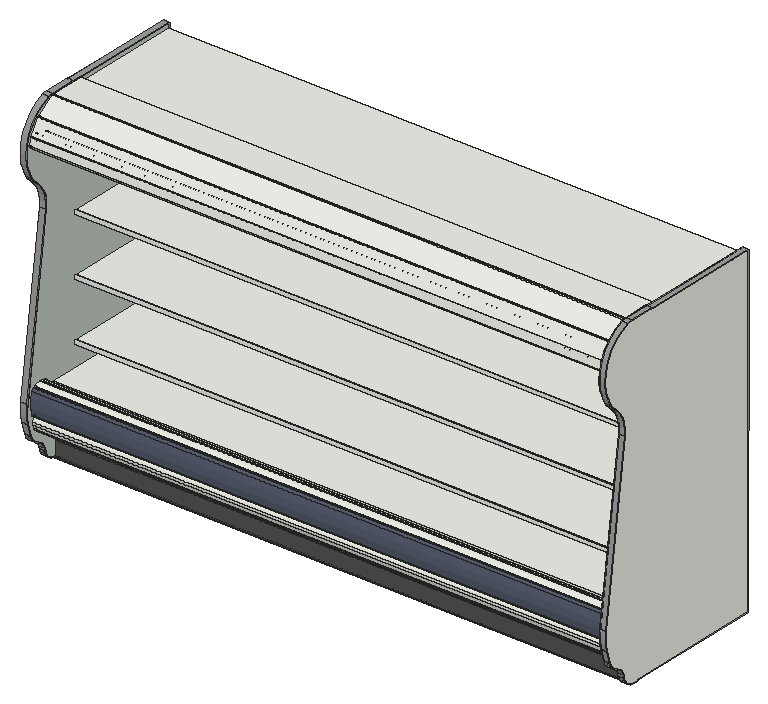
Revit family "ID5SL_2014", category Specialty Equipment, Revit 2014
Parameters (values of type "12'-0" Length")
  Width = 144 3/8"
  Waste Outlet Location = if(Width = 48 1/8", 24 1/8", if(Width = 72 1/4", 24 1/8", if(Width = 96 1/4", 24 1/8", if(Width = 144 3/8", 72 3/16", 0"))))  # 72 3/16"
  Waste Drain = 1 1/4"  # constant formula
  URL = "www.hussmann.com"
  Type Comments = ""
  Trim = Stainless Steel
  Total Weight = Case Weight + (2 * End Weight)  # 1300.00 lbf
  Top Clearance = 1 1/2"  # constant formula
  Supports = Width = 144 3/8"  # yes
  Splashguard = Textured Sheet Metal (Steel Painted) - 701 Black
  Side Panel - Right [instance] = yes
  Side Panel - Left [instance] = yes
  Shelves = Sheet Metal (Steel Painted) - 700 Interior White
  Shelf Lights [instance] = yes
  Shelf = yes
  Revit Family Date = "11/24/2015"  # constant formula
  Refrigeration Lines Suction = 7/8"  # constant formula
  Refrigeration Lines Liquid = 3/8"  # constant formula
  Refrig. Suction = "Suction"
  Refrig. Liquid = "Liquid"
  Number of Shelves = 4  # constant formula
  Note from Manufacturer = "This model only comes in 4'-0\", 6'-0\", 8'-0\", and 12'-0\" lengths."
  Model = "ID5SL"  # constant formula
  Manufacturer Disclaimer = "The information in this file is not intended to be an exact representation of the corresponding Hussmann product.  Further, we reserve the right to change or revise specifications and product design in connection with any feature of our products. Such changes do not entitle the buyer to corresponding changes, improvements, additions, or replacements for equipment previously sold or shipped."  # constant formula
  Manufacturer = "Hussmann Corporation"  # constant formula
  Height = 84 1/4"  # constant formula
  Ends = Textured Sheet Metal (Steel Painted) - 149 White Satin Matte
  End Weight = 100.00 lbf  # constant formula
  Description = ""
  Depth = 43 1/2"  # constant formula
  Clearance [instance] = no
  Center Support 2 = Width = 72 1/4"  # no
  Center Support 1 = Width = 96 1/4"  # no
  Case Weight = if(Width = 48 1/8", 700.00 lbf, if(Width = 72 1/4", 850.00 lbf, if(Width = 96 1/4", 1000.00 lbf, if(Width = 144 3/8", 1100.00 lbf, 0.00 lbf))))  # 1100.00 lbf
  Case Interior - Side Panel = Mirror
  Case Interior - Back Panel = Sheet Metal (Steel Painted) - 700 Interior White
  Case = Textured Sheet Metal (Steel Painted) - 149 White Satin Matte
  Bumper = Extruded PVC - 739 Royal Blue
  Back Clearance = 1 1/2"  # constant formula
  Assembly Code = ""
  Accessories/Options = ""
Reference planes (in)
  plane 1 "Back": y = 0
  plane 2 "Bottom": z = 0
  plane 3 "Top": z = 84.25
  plane 4 "Left": x = -77.30699
  plane 5 "Front": y = -43.5
  plane 6 "Center (Left/Right)": x = -5.11949
  plane 7: y = 1.5
  plane 8: x = -78.80699
  plane 9 "Right": x = 67.06801
  plane 10: x = 68.56801
  plane 11: z = 24
  plane 12: z = 68
  plane 13: z = 85.75
Forms (in)
  Extrusion 1, solid, material "Metal - Copper"
    sketch origin (63.0625, 1.04319, 0) x (1, 0, 0) y (0, 1, 0)
      loop
        arc (-68.18199, -33.91968) -> (-68.62393, -34.10274) -> (-68.80699, -34.54468) r 0.625
        arc (-68.80699, -34.54468) -> (-68.62393, -34.98662) -> (-68.18199, -35.16968) r 0.625
        arc (-68.18199, -35.16968) -> (-67.74004, -34.98662) -> (-67.55699, -34.54468) r 0.625
        arc (-67.55699, -34.54468) -> (-67.74004, -34.10274) -> (-68.18199, -33.91968) r 0.625
      loop
        circle (-68.18199, -34.54468) r 0.5852
    from 5.83681 to 0
  Extrusion 2, solid, material "Metal - Copper"
    sketch origin (57.40105, 5, -0.375) x (1, 0, 0) y (0, 1, 0)
      loop
        circle (0.87299, -33.71552) r 0.41359
      loop
        circle (0.87299, -33.71552) r 0.4375
    from 6.21181 to 0.375
  Extrusion 3, solid, material "Metal - Copper"
    sketch origin (59.82608, 5, -0.375) x (1, 0, 0) y (0, 1, 0)
      loop
        circle (-0.92704, -33.71552) r 0.17188
      loop
        circle (-0.92704, -33.71552) r 0.1875
    from 6.21181 to 0.375
  Extrusion 4, solid, material "Extruded PVC - 739 Royal Blue" <- "Bumper"
    sketch origin (-5.11949, 0, 0) x (0, 1, 0) y (0, 0, 1)
      loop
        line (-42.06364, 18.67278) -> (-42.24117, 19.08641) -> (-42.29352, 19.08641)
        arc (-42.29352, 19.08641) -> (-42.45612, 19.0616) -> (-42.61315, 19.01262) r 1.09071
        arc (-42.61315, 19.01262) -> (-42.90263, 18.83315) -> (-43.11188, 18.5644) r 0.96652
        arc (-43.11188, 18.5644) -> (-43.54736, 15.78448) -> (-43.11188, 13.00455) r 9.09066
        arc (-43.11188, 13.00455) -> (-42.90263, 12.73581) -> (-42.61315, 12.55634) r 0.96652
        arc (-42.61315, 12.55634) -> (-42.58068, 12.54404) -> (-42.54783, 12.53279) r 1.09071
        arc (-42.54783, 12.53279) -> (-42.48276, 12.52833) -> (-42.42329, 12.5551) r 0.13406
        line (-42.42329, 12.5551) -> (-42.06364, 12.91475) -> (-42.06364, 18.67278)
    from 72.1875 to -72.1875
  Extrusion 5, solid, material "Sheet Metal (Steel Painted) - 700 Interior White" <- "Shelves"
    sketch origin (-5.11949, 0, 0) x (0, 1, 0) y (0, 0, 1)
      loop
        line (-36.37259, 17.80485) -> (-36.37259, 17.31864) -> (-36.77772, 17.31864)
        arc (-36.77772, 17.31864) -> (-36.87626, 17.30567) -> (-36.96809, 17.26764) r 0.38073
        line (-36.96809, 17.26764) -> (-37.11188, 17.18462) -> (-37.11188, 16.79819) -> (-37.06655, 16.79819) -> (-36.78399, 16.96132) -> (-35.38688, 16.96132) -> (-35.38688, 17.18878) -> (-10.12574, 17.18878) -> (-10.12574, 17.33368) -> (-9.48404, 17.33368) -> (-9.48404, 16.97586) -> (-8.56986, 16.97586) -> (-8.28645, 16.81223) -> (-8.2381, 16.81223) -> (-8.2381, 17.20204) -> (-8.3761, 17.28171)
        arc (-8.3761, 17.28171) -> (-8.46787, 17.31973) -> (-8.56634, 17.33269) r 0.38049
        line (-8.56634, 17.33269) -> (-9.14496, 17.33368)
        arc (-9.14496, 17.33368) -> (-9.0296, 17.38146) -> (-8.98182, 17.49681) r 0.16314
        arc (-8.98182, 17.49681) -> (-9.0296, 17.61217) -> (-9.14496, 17.65995) r 0.16314
        line (-9.14496, 17.65995) -> (-9.27223, 17.75781) -> (-10.12574, 17.75781) -> (-10.12574, 17.80485) -> (-36.37259, 17.80485)
      loop
        line (-37.07349, 14.23639) -> (-36.07658, 14.36366)
        arc (-36.07658, 14.36366) -> (-35.91979, 14.44878) -> (-35.86124, 14.61742) r 0.24643
        arc (-35.86124, 14.61742) -> (-35.82279, 14.72871) -> (-35.71931, 14.78489) r 0.16264
        line (-35.71931, 14.78489) -> (-25.3253, 16.11179)
        arc (-25.3253, 16.11179) -> (-24.42957, 16.19734) -> (-23.53022, 16.2259) r 14.17557
        line (-23.53022, 16.2259) -> (-20.05164, 16.2259)
        arc (-20.05164, 16.2259) -> (-19.96233, 16.25262) -> (-19.90236, 16.32398) r 0.16264
        arc (-19.90236, 16.32398) -> (-19.84239, 16.39535) -> (-19.75308, 16.42206) r 0.16264
        line (-19.75308, 16.42206) -> (-8.52544, 16.42206)
        arc (-8.52544, 16.42206) -> (-8.41044, 16.37442) -> (-8.3628, 16.25942) r 0.16264
        line (-8.3628, 16.25942) -> (-8.3628, 15.90259)
        arc (-8.3628, 15.90259) -> (-8.29062, 15.72834) -> (-8.11637, 15.65616) r 0.24643
        line (-8.11637, 15.65616) -> (-7.79755, 15.65616) -> (-7.79755, 15.72812) -> (-8.04441, 15.72812)
        arc (-8.04441, 15.72812) -> (-8.21867, 15.80029) -> (-8.29084, 15.97455) r 0.24643
        line (-8.29084, 15.97455) -> (-8.29084, 16.45089)
        arc (-8.29084, 16.45089) -> (-8.32693, 16.53802) -> (-8.41406, 16.57411) r 0.12321
        line (-8.41406, 16.57411) -> (-19.82985, 16.57411)
        arc (-19.82985, 16.57411) -> (-19.91938, 16.54725) -> (-19.97934, 16.47553) r 0.16264
        arc (-19.97934, 16.47553) -> (-20.0393, 16.40382) -> (-20.12883, 16.37696) r 0.16264
        line (-20.12883, 16.37696) -> (-23.53022, 16.37696)
        arc (-23.53022, 16.37696) -> (-24.43916, 16.3481) -> (-25.34443, 16.26163) r 14.32663
        line (-25.34443, 16.26163) -> (-36.66451, 14.81652) -> (-36.71622, 14.80991)
        arc (-36.71622, 14.80991) -> (-36.81769, 14.75606) -> (-36.85826, 14.64858) r 0.16264
        line (-36.85826, 14.64858) -> (-36.85826, 14.48084)
        arc (-36.85826, 14.48084) -> (-36.91974, 14.31799) -> (-37.07349, 14.23639) r 0.24643
    from 72.1875 to -72.1875
  Extrusion 6, solid, material "Sheet Metal (Steel Painted) - 700 Interior White" <- "Case Interior - Back Panel"
    sketch origin (-5.11949, 0, 0) x (0, 1, 0) y (0, 0, 1)
      loop
        line (-32.13876, 76.46701) -> (-7.70304, 76.25376) -> (-7.70304, 16.99656) -> (-6.45743, 16.99805) -> (-6.45743, 76.61255) -> (-32.13553, 76.83664) -> (-32.13876, 76.46701)
    from 72.1875 to -72.1875
  Extrusion 7, solid, material "Textured Sheet Metal (Steel Painted) - 701 Black" <- "Splashguard"
    sketch origin (-5.11949, 0, 0) x (0, 1, 0) y (0, 0, 1)
      loop
        line (-35.53, 4.08973) -> (-35.53, 0.04906)
        arc (-35.53, 0.04906) -> (-35.50503, 0.00582) -> (-35.4551, 0.00582) r 0.04993
        line (-35.4551, 0.00582) -> (-35.38021, 0.04906) -> (-35.18205, 0.04906)
        arc (-35.18205, 0.04906) -> (-35.10246, 0) -> (-35.04167, 0.07104) r 0.07191
        line (-35.04167, 0.07104) -> (-35.04167, 4.37291)
        arc (-35.04167, 4.37291) -> (-35.06897, 4.41742) -> (-35.12102, 4.41326) r 0.04993
        line (-35.12102, 4.41326) -> (-35.50948, 4.13008)
        arc (-35.50948, 4.13008) -> (-35.52458, 4.11236) -> (-35.53, 4.08973) r 0.04993
    from 72.1875 to -72.1875
  Extrusion 8, solid, material "Sheet Metal (Steel Painted) - 700 Interior White" <- "Case Interior - Back Panel"
    sketch origin (-5.11949, 0, 0) x (0, 1, 0) y (0, 0, 1)
      loop
        arc (-41.8562, 74.41451) -> (-41.82752, 74.38583) -> (-41.79884, 74.41451) r 0.02868
        line (-41.79884, 74.41451) -> (-41.79884, 75.61797) -> (-40.87295, 75.61797) -> (-40.87295, 74.41739) -> (-39.70488, 74.41739) -> (-39.70488, 75.61797) -> (-39.42198, 75.61797) -> (-39.42198, 75.5401) -> (-39.30961, 75.5401) -> (-39.30961, 75.29663) -> (-38.99517, 75.29663) -> (-38.99517, 75.5401) -> (-38.88279, 75.5401) -> (-38.88279, 75.61797) -> (-38.22649, 75.61797) -> (-38.22649, 75.51965) -> (-38.44795, 75.51965)
        arc (-38.44795, 75.51965) -> (-38.49326, 75.50089) -> (-38.51202, 75.45558) r 0.06407
        line (-38.51202, 75.45558) -> (-38.51202, 75.16031) -> (-38.46347, 75.12297) -> (-38.40116, 75.07364)
        arc (-38.40116, 75.07364) -> (-38.2526, 74.98505) -> (-38.08241, 74.95422) r 0.4851
        line (-38.08241, 74.95422) -> (-37.44234, 74.95422)
        arc (-37.44234, 74.95422) -> (-37.4093, 74.9679) -> (-37.39562, 75.00094) r 0.04673
        arc (-37.39562, 75.00094) -> (-37.42098, 75.02751) -> (-37.4449, 74.99965) r 0.02477
        line (-37.4449, 74.99965) -> (-37.79457, 74.99965) -> (-37.79457, 75.24809) -> (-37.42388, 75.24809)
        arc (-37.42388, 75.24809) -> (-37.39924, 75.27274) -> (-37.42388, 75.29738) r 0.02464
        line (-37.42388, 75.29738) -> (-32.14897, 75.29738) -> (-32.14897, 76.83675) -> (-30.43419, 76.82179) -> (-30.43538, 78.5034) -> (-31.66631, 78.51414) -> (-31.66631, 79.98275) -> (-35.28512, 79.98275) -> (-35.28512, 79.26121) -> (-35.28512, 79.1721)
        arc (-35.28512, 79.1721) -> (-35.29666, 79.12003) -> (-35.32913, 79.07771) r 0.12321
        line (-35.32913, 79.07771) -> (-38.24936, 76.60225)
        arc (-38.24936, 76.60225) -> (-38.26067, 76.58739) -> (-38.26469, 76.56915) r 0.04339
        line (-38.26469, 76.56915) -> (-38.26469, 75.64657) -> (-41.81281, 75.64657)
        arc (-41.81281, 75.64657) -> (-41.84349, 75.63386) -> (-41.8562, 75.60318) r 0.04339
        line (-41.8562, 75.60318) -> (-41.8562, 74.41451)
    from 72.1875 to -72.1875
  Extrusion 9, solid, material "Textured Sheet Metal (Steel Painted) - 149 White Satin Matte" <- "Ends", visible <- "Side Panel - Right"
    sketch origin (67.06801, 0, 0) x (0, 0, 1) y (0, -1, 0)
      loop
        line (82.44832, 29.85698) -> (82.63788, 29.85698) -> (82.63788, 36.38723)
        arc (82.63788, 36.38723) -> (82.58871, 36.95067) -> (82.44269, 37.49709) r 3.25305
        arc (82.44269, 37.49709) -> (74.3139, 44.4152) -> (64.21545, 40.95703) r 10.78794
        arc (64.21545, 40.95703) -> (61.14954, 38.85647) -> (57.45439, 38.45904) r 7.60723
        line (57.45439, 38.45904) -> (55.43485, 38.74286) -> (15.89563, 44.29868)
        arc (15.89563, 44.29868) -> (13.58845, 44.4056) -> (11.31139, 44.01895) r 10.78794
        line (11.31139, 44.01895) -> (8.21224, 43.18957)
        arc (8.21224, 43.18957) -> (6.98569, 42.55808) -> (6.13116, 41.47504) r 3.25305
        line (6.13116, 41.47504) -> (5.50586, 40.27331)
        arc (5.50586, 40.27331) -> (4.78112, 39.38901) -> (3.76163, 38.87097) r 2.77486
        line (3.76163, 38.87097) -> (2.80742, 38.61644)
        arc (2.80742, 38.61644) -> (1.08301, 37.47349) -> (0.39646, 35.52193) r 3.25305
        line (0.39646, 35.52193) -> (0.39646, 34.42934) -> (0.59219, 34.42934) -> (0.59219, -0.42) -> (82.44832, -0.42) -> (82.44832, 29.85698)
    from 1.5 to 0.01562
  Extrusion 10, solid, material "Textured Sheet Metal (Steel Painted) - 149 White Satin Matte" <- "Ends", visible <- "Side Panel - Left"
    sketch origin (-77.30699, 0, 0) x (0, 1, 0) y (0, 0, 1)
      loop
        line (-29.85698, 82.44832) -> (-29.85698, 82.63788) -> (-36.38723, 82.63788)
        arc (-36.38723, 82.63788) -> (-36.95067, 82.58871) -> (-37.49709, 82.44269) r 3.25305
        arc (-37.49709, 82.44269) -> (-44.4152, 74.3139) -> (-40.95703, 64.21545) r 10.78794
        arc (-40.95703, 64.21545) -> (-38.85647, 61.14954) -> (-38.45904, 57.45439) r 7.60723
        line (-38.45904, 57.45439) -> (-38.74286, 55.43485) -> (-44.29868, 15.89563)
        arc (-44.29868, 15.89563) -> (-44.4056, 13.58845) -> (-44.01895, 11.31139) r 10.78794
        line (-44.01895, 11.31139) -> (-43.18957, 8.21224)
        arc (-43.18957, 8.21224) -> (-42.55808, 6.98569) -> (-41.47504, 6.13116) r 3.25305
        line (-41.47504, 6.13116) -> (-40.27331, 5.50586)
        arc (-40.27331, 5.50586) -> (-39.38901, 4.78112) -> (-38.87097, 3.76163) r 2.77486
        line (-38.87097, 3.76163) -> (-38.61644, 2.80742)
        arc (-38.61644, 2.80742) -> (-37.47349, 1.08301) -> (-35.52193, 0.39646) r 3.25305
        line (-35.52193, 0.39646) -> (-34.42934, 0.39646) -> (-34.42934, 0.59219) -> (0.42, 0.59219) -> (0.42, 82.44832) -> (-29.85698, 82.44832)
    from -0.01562 to -1.5
  Sweep 11, solid, material "Stainless Steel" <- "Trim", visible <- "Side Panel - Right"
    path origin (67.06801, 0, 0) x (0, 0, 1) y (0, -1, 0)
      loop
        line (82.44832, 29.85698) -> (82.63788, 29.85698) -> (82.63788, 36.38723)
        arc (82.63788, 36.38723) -> (82.58871, 36.95067) -> (82.44269, 37.49709) r 3.25305
        arc (82.44269, 37.49709) -> (74.3139, 44.4152) -> (64.21545, 40.95703) r 10.78794
        arc (64.21545, 40.95703) -> (61.14954, 38.85647) -> (57.45439, 38.45904) r 7.60723
        line (57.45439, 38.45904) -> (55.43485, 38.74286) -> (15.89563, 44.29868)
        arc (15.89563, 44.29868) -> (13.58845, 44.4056) -> (11.31139, 44.01895) r 10.78794
        line (11.31139, 44.01895) -> (8.21224, 43.18957)
        arc (8.21224, 43.18957) -> (6.98569, 42.55808) -> (6.13116, 41.47504) r 3.25305
        line (6.13116, 41.47504) -> (5.50586, 40.27331)
        arc (5.50586, 40.27331) -> (4.78112, 39.38901) -> (3.76163, 38.87097) r 2.77486
        line (3.76163, 38.87097) -> (2.80742, 38.61644)
        arc (2.80742, 38.61644) -> (1.08301, 37.47349) -> (0.39646, 35.52193) r 3.25305
        line (0.39646, 35.52193) -> (0.39646, 34.42934) -> (0.59219, 34.42934) -> (0.59219, -0.42) -> (82.44832, -0.42) -> (82.44832, 29.85698)
    profile origin (67.06801, -14.71849, 82.44832) x (0, 0, 1) y (1, 0, 0)
      loop
        line (0, 0) -> (0.03125, 0) -> (0.03125, 1.5) -> (0, 1.5) -> (0, 0)
  Sweep 12, solid, material "Stainless Steel" <- "Trim", visible <- "Side Panel - Left"
    path origin (-77.30699, 0, 0) x (0, 0, 1) y (0, 1, 0)
      loop
        line (82.44832, -29.85698) -> (82.44832, 0.42) -> (0.59219, 0.42) -> (0.59219, -34.42934) -> (0.39646, -34.42934) -> (0.39646, -35.52193)
        arc (0.39646, -35.52193) -> (1.08301, -37.47349) -> (2.80742, -38.61644) r 3.25305
        line (2.80742, -38.61644) -> (3.76163, -38.87097)
        arc (3.76163, -38.87097) -> (4.78112, -39.38901) -> (5.50586, -40.27331) r 2.77486
        line (5.50586, -40.27331) -> (6.13116, -41.47504)
        arc (6.13116, -41.47504) -> (6.98569, -42.55808) -> (8.21224, -43.18957) r 3.25305
        line (8.21224, -43.18957) -> (11.31139, -44.01895)
        arc (11.31139, -44.01895) -> (13.58845, -44.4056) -> (15.89563, -44.29868) r 10.78794
        line (15.89563, -44.29868) -> (55.43485, -38.74286) -> (57.45439, -38.45904)
        arc (57.45439, -38.45904) -> (61.14954, -38.85647) -> (64.21545, -40.95703) r 7.60723
        arc (64.21545, -40.95703) -> (74.3139, -44.4152) -> (82.44269, -37.49709) r 10.78794
        arc (82.44269, -37.49709) -> (82.58871, -36.95067) -> (82.63788, -36.38723) r 3.25305
        line (82.63788, -36.38723) -> (82.63788, -29.85698) -> (82.44832, -29.85698)
    profile origin (-77.30699, -14.71849, 82.44832) x (0, 0, -1) y (-1, 0, 0)
      loop
        line (0, 0) -> (0, 1.5) -> (-0.03125, 1.5) -> (-0.03125, 0) -> (0, 0)
  Extrusion 13, solid, material "Mirror" <- "Case Interior - Side Panel", visible <- "Side Panel - Left"
    sketch origin (-77.30699, 0, 0) x (0, 1, 0) y (0, 0, 1)
      loop
        line (-29.85698, 82.44832) -> (-29.85698, 82.63788) -> (-36.38723, 82.63788)
        arc (-36.38723, 82.63788) -> (-36.95067, 82.58871) -> (-37.49709, 82.44269) r 3.25305
        arc (-37.49709, 82.44269) -> (-44.4152, 74.3139) -> (-40.95703, 64.21545) r 10.78794
        arc (-40.95703, 64.21545) -> (-38.85647, 61.14954) -> (-38.45904, 57.45439) r 7.60723
        line (-38.45904, 57.45439) -> (-38.74286, 55.43485) -> (-44.29868, 15.89563)
        arc (-44.29868, 15.89563) -> (-44.4056, 13.58845) -> (-44.01895, 11.31139) r 10.78794
        line (-44.01895, 11.31139) -> (-43.18957, 8.21224)
        arc (-43.18957, 8.21224) -> (-42.55808, 6.98569) -> (-41.47504, 6.13116) r 3.25305
        line (-41.47504, 6.13116) -> (-40.27331, 5.50586)
        arc (-40.27331, 5.50586) -> (-39.38901, 4.78112) -> (-38.87097, 3.76163) r 2.77486
        line (-38.87097, 3.76163) -> (-38.61644, 2.80742)
        arc (-38.61644, 2.80742) -> (-37.47349, 1.08301) -> (-35.52193, 0.39646) r 3.25305
        line (-35.52193, 0.39646) -> (-34.42934, 0.39646) -> (-34.42934, 0.59219) -> (0.42, 0.59219) -> (0.42, 82.44832) -> (-29.85698, 82.44832)
    from 0 to -0.01563
  Extrusion 14, solid, material "Mirror" <- "Case Interior - Side Panel", visible <- "Side Panel - Right"
    sketch origin (67.06801, 0, 0) x (0, 0, 1) y (0, -1, 0)
      loop
        line (82.44832, 29.85698) -> (82.63788, 29.85698) -> (82.63788, 36.38723)
        arc (82.63788, 36.38723) -> (82.58871, 36.95067) -> (82.44269, 37.49709) r 3.25305
        arc (82.44269, 37.49709) -> (74.3139, 44.4152) -> (64.21545, 40.95703) r 10.78794
        arc (64.21545, 40.95703) -> (61.14954, 38.85647) -> (57.45439, 38.45904) r 7.60723
        line (57.45439, 38.45904) -> (55.43485, 38.74286) -> (15.89563, 44.29868)
        arc (15.89563, 44.29868) -> (13.58845, 44.4056) -> (11.31139, 44.01895) r 10.78794
        line (11.31139, 44.01895) -> (8.21224, 43.18957)
        arc (8.21224, 43.18957) -> (6.98569, 42.55808) -> (6.13116, 41.47504) r 3.25305
        line (6.13116, 41.47504) -> (5.50586, 40.27331)
        arc (5.50586, 40.27331) -> (4.78112, 39.38901) -> (3.76163, 38.87097) r 2.77486
        line (3.76163, 38.87097) -> (2.80742, 38.61644)
        arc (2.80742, 38.61644) -> (1.08301, 37.47349) -> (0.39646, 35.52193) r 3.25305
        line (0.39646, 35.52193) -> (0.39646, 34.42934) -> (0.59219, 34.42934) -> (0.59219, -0.42) -> (82.44832, -0.42) -> (82.44832, 29.85698)
    from 0.01563 to 0
  Extrusion 15, solid, material "Textured Sheet Metal (Steel Painted) - 149 White Satin Matte" <- "Case"
    sketch origin (-5.11949, 0, 0) x (0, 1, 0) y (0, 0, 1)
      loop
        arc (-38.95704, 75.65756) -> (-39.0434, 75.69333) -> (-39.08025, 75.7797) r 0.12214
        line (-39.08025, 75.7797) -> (-39.08025, 75.99336)
        arc (-39.08025, 75.99336) -> (-39.11634, 76.08049) -> (-39.20346, 76.11658) r 0.12321
        line (-39.20346, 76.11658) -> (-39.82765, 76.11658) -> (-41.31459, 76.11658) -> (-41.31459, 75.74742) -> (-41.74585, 75.74742)
        spline (-41.74585, 75.74742) -> (-41.75389, 75.74794) -> (-41.76179, 75.74952) -> (-41.76942, 75.75211) -> (-41.77665, 75.75567) -> (-41.78335, 75.76014) -> (-41.78941, 75.76546) -> (-41.79472, 75.77151) -> (-41.7992, 75.77821) -> (-41.80276, 75.78544) -> (-41.80535, 75.79307) -> (-41.80692, 75.80097) -> (-41.80745, 75.80901)
        line (-41.80745, 75.80901) -> (-41.80745, 76.05498)
        spline (-41.80745, 76.05498) -> (-41.80798, 76.06302) -> (-41.80955, 76.07092) -> (-41.81214, 76.07855) -> (-41.8157, 76.08578) -> (-41.82018, 76.09248) -> (-41.82549, 76.09854) -> (-41.83155, 76.10385) -> (-41.83825, 76.10833) -> (-41.84547, 76.11189) -> (-41.8531, 76.11448) -> (-41.86101, 76.11605) -> (-41.86905, 76.11658)
        line (-41.86905, 76.11658) -> (-42.11598, 76.11658)
        arc (-42.11598, 76.11658) -> (-42.15917, 76.0987) -> (-42.17709, 76.05552) r 0.06111
        line (-42.17709, 76.05552) -> (-42.17733, 75.78482)
        arc (-42.17733, 75.78482) -> (-42.18796, 75.69526) -> (-42.21925, 75.61067) r 0.38266
        line (-42.21925, 75.61067) -> (-42.29629, 75.33325) -> (-42.40118, 74.83665)
        arc (-42.40118, 74.83665) -> (-42.4434, 74.72105) -> (-42.51389, 74.62018) r 0.47516
        line (-42.51389, 74.62018) -> (-42.59811, 74.5279)
        arc (-42.59811, 74.5279) -> (-42.61565, 74.4881) -> (-42.60556, 74.44579) r 0.06818
        arc (-42.60556, 74.44579) -> (-42.56135, 74.28159) -> (-42.52434, 74.11561) r 3.89985
        arc (-42.52434, 74.11561) -> (-42.57186, 73.87325) -> (-42.71439, 73.67156) r 0.59024
        line (-42.71439, 73.67156) -> (-42.84902, 73.54776)
        arc (-42.84902, 73.54776) -> (-42.88766, 73.52366) -> (-42.93241, 73.51525) r 0.12321
        line (-42.93241, 73.51525) -> (-43.32887, 73.51525)
        arc (-43.32887, 73.51525) -> (-43.37947, 73.52612) -> (-43.42114, 73.55681) r 0.12321
        line (-43.42114, 73.55681) -> (-43.79284, 73.97691)
        arc (-43.79284, 73.97691) -> (-43.81985, 74.02771) -> (-43.82085, 74.08524) r 0.12321
        line (-43.82085, 74.08524) -> (-43.39839, 75.98932)
        arc (-43.39839, 75.98932) -> (-43.38812, 76.0222) -> (-43.37249, 76.05288) r 0.20453
        line (-43.37249, 76.05288) -> (-41.23943, 79.48962)
        arc (-41.23943, 79.48962) -> (-41.18477, 79.54438) -> (-41.11152, 79.5693) r 0.17034
        arc (-41.11152, 79.5693) -> (-41.07961, 79.57024) -> (-41.04788, 79.56674) r 0.22973
        arc (-41.04788, 79.56674) -> (-41.04098, 79.58513) -> (-41.02722, 79.59914) r 0.04731
        line (-41.02722, 79.59914) -> (-36.73185, 82.44386)
        arc (-36.73185, 82.44386) -> (-36.60177, 82.50489) -> (-36.45963, 82.52583) r 0.49301
        line (-36.45963, 82.52583) -> (-36.3599, 82.52583) -> (-36.11895, 82.52583) -> (-27.61232, 82.52583) -> (-27.61232, 81.51899) -> (0, 81.51899) -> (0, 10.26407) -> (-8.95245, 5.83681) -> (-35.11252, 5.83681) -> (-35.31508, 5.94531) -> (-36.16925, 6.3694) -> (-36.25637, 6.20677)
        arc (-36.25637, 6.20677) -> (-36.28438, 6.18382) -> (-36.32041, 6.18741) r 0.04731
        line (-36.32041, 6.18741) -> (-42.06364, 9.26393) -> (-42.14425, 9.30712)
        arc (-42.14425, 9.30712) -> (-42.21812, 9.36447) -> (-42.26888, 9.443) r 0.27895
        line (-42.26888, 9.443) -> (-42.81976, 10.72667)
        arc (-42.81976, 10.72667) -> (-42.90523, 11.07461) -> (-42.8737, 11.4315) r 1.09394
        arc (-42.8737, 11.4315) -> (-42.65179, 11.92399) -> (-42.27691, 12.31292) r 1.57952
        arc (-42.27691, 12.31292) -> (-42.22757, 12.31693) -> (-42.20164, 12.27476) r 0.04731
        line (-42.20164, 12.27476) -> (-42.20164, 11.96032)
        spline (-42.20164, 11.96032) -> (-42.19586, 11.96272) -> (-42.19036, 11.9657) -> (-42.18519, 11.96922) -> (-42.18041, 11.97325) -> (-42.17607, 11.97775) -> (-42.17221, 11.98268) -> (-42.16887, 11.98797) -> (-42.16609, 11.99357) -> (-42.1639, 11.99943) -> (-42.16232, 12.00549) -> (-42.16136, 12.01167) -> (-42.16104, 12.01792)
        line (-42.16104, 12.01792) -> (-42.16104, 12.60705)
        spline (-42.16104, 12.60705) -> (-42.16221, 12.61898) -> (-42.16569, 12.63044) -> (-42.17134, 12.64101) -> (-42.17894, 12.65027) -> (-42.1882, 12.65787) -> (-42.19876, 12.66352) -> (-42.21023, 12.667) -> (-42.22215, 12.66817) -> (-42.23407, 12.66699) -> (-42.24554, 12.66351) -> (-42.2561, 12.65787) -> (-42.26537, 12.65026)
        line (-42.26537, 12.65026) -> (-42.34445, 12.57118)
        arc (-42.34445, 12.57118) -> (-42.38146, 12.55128) -> (-42.42329, 12.5551) r 0.07294
        line (-42.42329, 12.5551) -> (-42.06364, 12.91475) -> (-42.06364, 18.67278) -> (-42.24117, 19.08641)
        arc (-42.24117, 19.08641) -> (-42.25057, 19.12556) -> (-42.22764, 19.15865) r 0.04929
        arc (-42.22764, 19.15865) -> (-41.29531, 19.5313) -> (-40.29263, 19.58378) r 3.07518
        arc (-40.29263, 19.58378) -> (-40.26067, 19.56791) -> (-40.24776, 19.53466) r 0.04929
        arc (-40.24776, 19.53466) -> (-40.21547, 19.57319) -> (-40.16644, 19.58433) r 0.07874
        line (-40.16644, 19.58433) -> (-39.26523, 19.45153)
        arc (-39.26523, 19.45153) -> (-39.24403, 19.4449) -> (-39.22593, 19.43204) r 0.07098
        line (-39.22593, 19.43204) -> (-38.31006, 18.53571)
        arc (-38.31006, 18.53571) -> (-38.29682, 18.51789) -> (-38.28973, 18.49684) r 0.07098
        line (-38.28973, 18.49684) -> (-38.13388, 17.57716) -> (-38.13388, 14.07298) -> (-38.02084, 14.08287) -> (-38.02493, 14.11493) -> (-25.27812, 15.74219)
        arc (-25.27812, 15.74219) -> (-24.40593, 15.8255) -> (-23.53022, 15.8533) r 13.80297
        line (-23.53022, 15.8533) -> (-16.82245, 15.8533)
        arc (-16.82245, 15.8533) -> (-16.6704, 15.90581) -> (-16.58314, 16.04094) r 0.24643
        arc (-16.58314, 16.04094) -> (-16.52555, 16.13014) -> (-16.42519, 16.16479) r 0.16264
        line (-16.42519, 16.16479) -> (-8.52544, 16.16479)
        arc (-8.52544, 16.16479) -> (-8.41044, 16.11715) -> (-8.3628, 16.00215) r 0.16264
        line (-8.3628, 16.00215) -> (-8.3628, 15.90259)
        arc (-8.3628, 15.90259) -> (-8.29062, 15.72834) -> (-8.11637, 15.65616) r 0.24643
        line (-8.11637, 15.65616) -> (-7.6995, 15.65616)
        arc (-7.6995, 15.65616) -> (-7.60495, 15.8333) -> (-7.51622, 16.01343) r 6.16849
        arc (-7.51622, 16.01343) -> (-7.13864, 16.66899) -> (-6.45743, 16.99802) r 1.28353
        line (-6.45743, 16.99802) -> (-6.45743, 76.61255) -> (-30.43419, 76.82179) -> (-30.43419, 78.5034) -> (-31.66512, 78.51414) -> (-31.66512, 79.98275) -> (-35.2999, 79.98275) -> (-35.2999, 79.1721)
        arc (-35.2999, 79.1721) -> (-35.31006, 79.12628) -> (-35.33864, 79.08904) r 0.10843
        line (-35.33864, 79.08904) -> (-37.90354, 76.91753) -> (-38.23507, 76.63934)
        arc (-38.23507, 76.63934) -> (-38.26754, 76.59703) -> (-38.27908, 76.54495) r 0.12321
        line (-38.27908, 76.54495) -> (-38.27908, 75.7797)
        arc (-38.27908, 75.7797) -> (-38.31517, 75.69257) -> (-38.4023, 75.65648) r 0.12321
        line (-38.4023, 75.65648) -> (-38.95363, 75.65648)
    from 72.1875 to -72.1875
  Extrusion 16, solid, material "Textured Sheet Metal (Steel Painted) - 149 White Satin Matte" <- "Case"
    sketch origin (-5.11949, 0, 0) x (0, 1, 0) y (0, 0, 1)
      loop
        arc (-36.06821, 5.56404) -> (-36.06152, 5.53907) -> (-36.04325, 5.5208) r 0.04993
        line (-36.04325, 5.5208) -> (-35.04167, 4.94254) -> (-35.04167, 2.53989) -> (-35.00672, 2.53989) -> (-35.00672, 4.93389)
        arc (-35.00672, 4.93389) -> (-35.01341, 4.95886) -> (-35.03169, 4.97713) r 0.04993
        line (-35.03169, 4.97713) -> (-36.03326, 5.55539) -> (-36.03326, 6.22125) -> (-36.06821, 6.22125) -> (-36.06821, 5.56404)
    from 72.1875 to -72.1875
Lines and regions (in)
  reference lines
    curve 1: line (-5.11949, -43.5, 0) -> (-5.11949, 0, 0)
    curve 2: line (58.71154, -43.5, 0) -> (58.71154, 0, 0)
    curve 3: line (-77.30699, -33.50149, 0) -> (67.06801, -33.50149, 0)
    curve 4: line (67.06801, -28.71552, 0) -> (-77.30699, -28.71552, 0)
  symbolic lines, style "Clearance", visible <- "Clearance"
    curve 5: line (-77.30699, 0.45125, 0) -> (-77.30699, 1.5, 0)
    curve 6: line (-77.30699, 1.5, 0) -> (67.06801, 1.5, 0)
    curve 7: line (67.06801, 1.5, 0) -> (67.06801, 0.45125, 0)
    curve 8: line (-5.11949, 0, 82.47957) -> (-5.11949, 0, 85.75)
    curve 9: line (-5.11949, 0, 85.75) -> (-5.11949, -43.5, 85.75)
    curve 10: line (-5.11949, -43.5, 85.75) -> (-5.11949, -43.5, 77.12749)
    curve 11: line (-77.30699, 0, 82.66913) -> (-77.30699, 0, 85.75)
    curve 12: line (-77.30699, 0, 85.75) -> (67.06801, 0, 85.75)
    curve 13: line (67.06801, 0, 85.75) -> (67.06801, 0, 82.66913)
    curve 14: line (-5.11949, 0.45125, 81.51899) -> (-5.11949, 1.5, 81.51899)
    curve 15: line (-5.11949, 1.5, 81.51899) -> (-5.11949, 1.5, 0)
  model lines, style "SpecialityEquipment", detail levels fine
    curve 16: line (-5.11949, -36.16925, 6.3694) -> (-5.11949, -42.06364, 9.5269)
    curve 17: line (-5.11949, -42.06364, 9.5269) -> (-5.11949, -42.06364, 18.67278)
    curve 18: line (-5.11949, -42.06364, 18.67278) -> (-5.11949, -41.06562, 18.67278)
    curve 19: line (-5.11949, -41.06562, 18.67278) -> (-5.11949, -41.06562, 13.0616)
    curve 20: arc (-5.11949, -41.06562, 13.0616) -> (-5.11949, -41.0281, 12.87299) -> (-5.11949, -40.92127, 12.7131) r 0.49286
    curve 21: line (-5.11949, -40.92127, 12.7131) -> (-5.11949, -40.25153, 12.04337)
    curve 22: arc (-5.11949, -40.25153, 12.04337) -> (-5.11949, -40.14469, 11.88347) -> (-5.11949, -40.10718, 11.69486) r 0.49286
    curve 23: line (-5.11949, -40.10718, 11.69486) -> (-5.11949, -40.10718, 11.22607)
    curve 24: arc (-5.11949, -40.10718, 11.22607) -> (-5.11949, -39.96282, 10.87757) -> (-5.11949, -39.61432, 10.73321) r 0.49286
    curve 25: line (-5.11949, -39.61432, 10.73321) -> (-5.11949, -38.77804, 10.73321)
    curve 26: arc (-5.11949, -38.77804, 10.73321) -> (-5.11949, -38.45161, 10.58681) -> (-5.11949, -38.3102, 10.25818) r 0.49286
    curve 27: line (-5.11949, -38.3102, 10.25818) -> (-5.11949, -38.30054, 9.98155)
    curve 28: arc (-5.11949, -38.30054, 9.98155) -> (-5.11949, -38.2316, 9.74684) -> (-5.11949, -38.0583, 9.57419) r 0.49286
    curve 29: line (-5.11949, -38.0583, 9.57419) -> (-5.11949, -37.3398, 9.19226)
    curve 30: arc (-5.11949, -37.3398, 9.19226) -> (-5.11949, -37.22705, 9.14868) -> (-5.11949, -37.10708, 9.13386) r 0.49286
    curve 31: line (-5.11949, -37.10708, 9.13386) -> (-5.11949, -34.94086, 9.13386)
    curve 32: arc (-5.11949, -34.94086, 9.13386) -> (-5.11949, -34.69444, 9.19989) -> (-5.11949, -34.51404, 9.38029) r 0.49286
    curve 33: line (-5.11949, -34.51404, 9.38029) -> (-5.11949, -33.8752, 10.48678)
    curve 34: arc (-5.11949, -33.8752, 10.48678) -> (-5.11949, -33.6948, 10.66718) -> (-5.11949, -33.44837, 10.73321) r 0.49286
    curve 35: line (-5.11949, -33.44837, 10.73321) -> (-5.11949, -24.74121, 10.73321)
    curve 36: line (-5.11949, -24.74121, 10.73321) -> (-5.11949, -11.57219, 12.6709)
    curve 37: arc (-5.11949, -11.57219, 12.6709) -> (-5.11949, -9.32802, 13.7636) -> (-5.11949, -7.70059, 15.65616) r 6.16849
  model lines, style "SpecialityEquipment", not visible, detail levels fine
    curve 38: line (-5.11949, -36.16925, 6.3694) -> (-5.11949, -42.06364, 9.5269)
    curve 39: line (-5.11949, -42.06364, 9.5269) -> (-5.11949, -42.06364, 18.67278)
    curve 40: line (-5.11949, -42.06364, 18.67278) -> (-5.11949, -41.06562, 18.67278)
    curve 41: line (-5.11949, -41.06562, 18.67278) -> (-5.11949, -41.06562, 13.0616)
    curve 42: arc (-5.11949, -41.06562, 13.0616) -> (-5.11949, -41.0281, 12.87299) -> (-5.11949, -40.92127, 12.7131) r 0.49286
    curve 43: line (-5.11949, -40.92127, 12.7131) -> (-5.11949, -40.25153, 12.04337)
    curve 44: arc (-5.11949, -40.25153, 12.04337) -> (-5.11949, -40.14469, 11.88347) -> (-5.11949, -40.10718, 11.69486) r 0.49286
    curve 45: line (-5.11949, -40.10718, 11.69486) -> (-5.11949, -40.10718, 11.22607)
    curve 46: arc (-5.11949, -40.10718, 11.22607) -> (-5.11949, -39.96282, 10.87757) -> (-5.11949, -39.61432, 10.73321) r 0.49286
    curve 47: line (-5.11949, -39.61432, 10.73321) -> (-5.11949, -38.77804, 10.73321)
    curve 48: arc (-5.11949, -38.77804, 10.73321) -> (-5.11949, -38.45161, 10.58681) -> (-5.11949, -38.3102, 10.25818) r 0.49286
    curve 49: line (-5.11949, -38.3102, 10.25818) -> (-5.11949, -38.30054, 9.98155)
    curve 50: arc (-5.11949, -38.30054, 9.98155) -> (-5.11949, -38.2316, 9.74684) -> (-5.11949, -38.0583, 9.57419) r 0.49286
    curve 51: line (-5.11949, -38.0583, 9.57419) -> (-5.11949, -37.3398, 9.19226)
    curve 52: arc (-5.11949, -37.3398, 9.19226) -> (-5.11949, -37.22705, 9.14868) -> (-5.11949, -37.10708, 9.13386) r 0.49286
    curve 53: line (-5.11949, -37.10708, 9.13386) -> (-5.11949, -34.94086, 9.13386)
    curve 54: arc (-5.11949, -34.94086, 9.13386) -> (-5.11949, -34.69444, 9.19989) -> (-5.11949, -34.51404, 9.38029) r 0.49286
    curve 55: line (-5.11949, -34.51404, 9.38029) -> (-5.11949, -33.8752, 10.48678)
    curve 56: arc (-5.11949, -33.8752, 10.48678) -> (-5.11949, -33.6948, 10.66718) -> (-5.11949, -33.44837, 10.73321) r 0.49286
    curve 57: line (-5.11949, -33.44837, 10.73321) -> (-5.11949, -24.74121, 10.73321)
    curve 58: line (-5.11949, -24.74121, 10.73321) -> (-5.11949, -11.57219, 12.6709)
    curve 59: arc (-5.11949, -11.57219, 12.6709) -> (-5.11949, -9.32802, 13.7636) -> (-5.11949, -7.70059, 15.65616) r 6.16849
Dimensions and locks (in)
  equal spacing: plane 4 "Left", plane 6 "Center (Left/Right)", plane 9 "Right"
  locked: plane 8 to plane 4 "Left" at 1.5
  "Width": plane 4 "Left" to plane 9 "Right"
  "Waste Outlet Location": curve 1 to plane 9 "Right"
  "Depth": plane 5 "Front" to plane 1 "Back"
  "Back Clearance": plane 1 "Back" to plane 7
  locked: curve 2 to plane 9 "Right" at 8.35647
  "Height": plane 3 "Top" to level
  locked: plane 1 "Back" to curve 3 at 33.50149
  locked: plane 1 "Back" to curve 4 at 28.71552
  locked: plane 9 "Right" to plane 10 at 1.5
  locked: plane 11 to level at 24
  locked: plane 12 to level at 68
  "Top Clearance": plane 13 to plane 3 "Top"
  locked: Extrusion 1 sketch curve to Extrusion 1 sketch curve at 0.0398
  locked: Extrusion 3 sketch curve to Extrusion 3 sketch curve at 0.01562
  locked: Extrusion 2 sketch curve to Extrusion 2 sketch curve at 0.02391
  nested 2 to plane 6 "Center (Left/Right)" to nested 1 = 24" locked, 24" locked
  equal spacing: group 1, group 3, group 4, group 2  (x3)
  "Waste Drain": diameter of Extrusion 1 sketch curve
  "Refrigeration Lines Liquid": diameter of Extrusion 3 sketch curve
  "Refrigeration Lines Suction": diameter of Extrusion 2 sketch curve
  aligned and locked: plane 5 "Front" to curve 1
  aligned and locked: plane 4 "Left" to curve 3
  aligned and locked: plane 4 "Left" to curve 4
  aligned and locked: plane 9 "Right" to curve 4
  aligned and locked: plane 9 "Right" to curve 3
  aligned and locked: Extrusion 2 to level
  aligned and locked: Extrusion 3 to level
  aligned and locked: curve 4 to Extrusion 3 sketch curve  (x4)
  aligned and locked: curve 4 to Extrusion 2 sketch curve  (x4)
  aligned and locked: curve 3 to Extrusion 1 sketch curve  (x3)
  aligned and locked: curve 1 to Extrusion 1 sketch curve
  aligned and locked: curve 2 to Extrusion 3 sketch curve
  aligned and locked: curve 2 to Extrusion 2 sketch curve
  aligned and locked: plane 9 "Right" to nested 4
  aligned and locked: nested 4 to plane 1 "Back"
  aligned and locked: plane 4 "Left" to nested 3
  aligned and locked: plane 1 "Back" to nested 3
  aligned and locked: plane 1 "Back" to nested 2
  aligned and locked: plane 1 "Back" to nested 1
  aligned and locked: Extrusion 4 to plane 4 "Left"
  aligned and locked: plane 9 "Right" to Extrusion 4
  aligned and locked: Extrusion 5 to plane 4 "Left"
  aligned and locked: plane 9 "Right" to Extrusion 5
  aligned and locked: plane 11 to nested 5
  aligned and locked: plane 12 to nested 6
  aligned and locked: Extrusion 6 to plane 4 "Left"
  aligned and locked: plane 9 "Right" to Extrusion 6
  aligned and locked: Extrusion 7 to plane 4 "Left"
  aligned and locked: plane 9 "Right" to Extrusion 7
  aligned and locked: Extrusion 8 to plane 4 "Left"
  aligned and locked: plane 9 "Right" to Extrusion 8
  aligned and locked: plane 10 to Extrusion 9
  aligned and locked: plane 8 to Extrusion 10
  aligned and locked: Sweep 11 sketch curve to plane 10
  aligned and locked: profile plane to Sweep 11 sketch curve
  aligned and locked: profile plane to Sweep 12 sketch curve
  aligned and locked: Sweep 12 sketch curve to plane 8
  aligned and locked: Extrusion 10 to Extrusion 13
  aligned and locked: Extrusion 9 to Extrusion 14
  aligned and locked: Extrusion 15 to plane 4 "Left"
  aligned and locked: plane 9 "Right" to Extrusion 15
  aligned and locked: curve 7 to plane 9 "Right"
  aligned and locked: curve 6 to plane 7
  aligned and locked: plane 4 "Left" to curve 5
  aligned and locked: curve 10 to plane 5 "Front"
  aligned and locked: curve 9 to plane 13
  aligned and locked: curve 8 to plane 1 "Back"
  aligned and locked: Extrusion 6 to nested 5
  aligned and locked: Extrusion 6 to nested 7
  aligned and locked: Extrusion 6 to nested 8
  aligned and locked: Extrusion 6 to nested 6
  aligned and locked: plane 6 "Center (Left/Right)" to nested 9
  aligned and locked: Extrusion 15 to plane 1 "Back"
  aligned and locked: plane 4 "Left" to nested 10
  aligned and locked: Extrusion 8 to nested 10
  aligned and locked: plane 4 "Left" to nested 11
  aligned and locked: plane 4 "Left" to nested 12
  aligned and locked: plane 4 "Left" to nested 13
  aligned and locked: plane 4 "Left" to nested 14
  aligned and locked: plane 13 to curve 12
  aligned and locked: curve 13 to plane 9 "Right"
  aligned and locked: plane 4 "Left" to curve 11
  aligned and locked: curve 15 to plane 7
  aligned and locked: plane 6 "Center (Left/Right)" to nested 15
  aligned and locked: plane 1 "Back" to nested 15
  aligned and locked: Extrusion 16 to plane 4 "Left"
  aligned and locked: plane 9 "Right" to Extrusion 16
Automatic sketch dimensions
  plane 5 "Front" to Extrusion 4 sketch curve = 0.9936"
  plane 5 "Front" to Extrusion 4 sketch curve = 1.20648"
  Extrusion 4 sketch curve to Extrusion 4 sketch curve = 0.03695"
  Extrusion 4 sketch curve to Extrusion 4 sketch curve = 0.05234"
  Extrusion 4 sketch curve to Extrusion 4 sketch curve = 0.04582"  (x2)
  Extrusion 4 sketch curve to Extrusion 4 sketch curve = 0.11543"  (x2)
  Extrusion 4 sketch curve to Extrusion 4 sketch curve = 0.5585"
  Extrusion 4 sketch curve to Extrusion 4 sketch curve = 0.41364"
  plane 5 "Front" to Extrusion 4 sketch curve = 0.38812"  (x2)
  Extrusion 4 sketch curve to Extrusion 4 sketch curve = 0.10675"
  Extrusion 4 sketch curve to Extrusion 4 sketch curve = 0"  (x2)
  Extrusion 5 sketch curve to Extrusion 5 sketch curve = 0"  (x8)
  plane 5 "Front" to Extrusion 5 sketch curve = 6.38812"
  Extrusion 5 sketch curve to Extrusion 5 sketch curve = 0.00718"
  Extrusion 5 sketch curve to Extrusion 5 sketch curve = 0.04532"
  Extrusion 5 sketch curve to Extrusion 5 sketch curve = 0.14379"
  Extrusion 5 sketch curve to Extrusion 5 sketch curve = 0.24643"  (x2)
  Extrusion 5 sketch curve to Extrusion 5 sketch curve = 0.28256"
  Extrusion 5 sketch curve to Extrusion 5 sketch curve = 0.00627"
  Extrusion 5 sketch curve to Extrusion 5 sketch curve = 0.14205"
  Extrusion 5 sketch curve to Extrusion 5 sketch curve = 0.16264"  (x3)
  Extrusion 5 sketch curve to Extrusion 5 sketch curve = 0.05171"
  Extrusion 5 sketch curve to Extrusion 5 sketch curve = 0.40513"
  Extrusion 5 sketch curve to Extrusion 5 sketch curve = 0.58784"
  Extrusion 5 sketch curve to Extrusion 5 sketch curve = 0.03121"  (x2)
  Extrusion 5 sketch curve to Extrusion 5 sketch curve = 0.38848"
  Extrusion 5 sketch curve to Extrusion 5 sketch curve = 0.0206"
  Extrusion 5 sketch curve to Extrusion 5 sketch curve = 0.98571"
  Extrusion 5 sketch curve to Extrusion 5 sketch curve = 10.04245"
  Extrusion 5 sketch curve to plane 11 = 7.88821"
  Extrusion 5 sketch curve to Extrusion 5 sketch curve = 0.01913"
  level to Extrusion 5 sketch curve = 2.05034"
  Extrusion 5 sketch curve to Extrusion 5 sketch curve = 1.79508"
  Extrusion 5 sketch curve to Extrusion 5 sketch curve = 3.40139"
  Extrusion 5 sketch curve to Extrusion 5 sketch curve = 0.0772"
  Extrusion 5 sketch curve to Extrusion 5 sketch curve = 0.22179"
  Extrusion 5 sketch curve to Extrusion 5 sketch curve = 0.07677"
  Extrusion 5 sketch curve to Extrusion 5 sketch curve = 9.62734"
  Extrusion 5 sketch curve to Extrusion 5 sketch curve = 0.6417"
  Extrusion 5 sketch curve to Extrusion 5 sketch curve = 0.21181"
  Extrusion 5 sketch curve to Extrusion 5 sketch curve = 0.12728"
  Extrusion 5 sketch curve to Extrusion 5 sketch curve = 0.5751"
  Extrusion 5 sketch curve to Extrusion 5 sketch curve = 0.00352"
  Extrusion 5 sketch curve to Extrusion 5 sketch curve = 0.0409"
  Extrusion 5 sketch curve to Extrusion 5 sketch curve = 0.11139"
  Extrusion 5 sketch curve to Extrusion 5 sketch curve = 0.19024"
  Extrusion 5 sketch curve to Extrusion 5 sketch curve = 0.07196"  (x3)
  Extrusion 5 sketch curve to Extrusion 5 sketch curve = 0.12761"
  Extrusion 5 sketch curve to Extrusion 5 sketch curve = 0.138"
  Extrusion 5 sketch curve to Extrusion 5 sketch curve = 0.24686"
  Extrusion 5 sketch curve to plane 11 = 9.63634"
  Extrusion 5 sketch curve to Extrusion 5 sketch curve = 15/128"
  Extrusion 5 sketch curve to Extrusion 5 sketch curve = 0.24444"
  Extrusion 5 sketch curve to Extrusion 5 sketch curve = 0.01545"
  Extrusion 5 sketch curve to Extrusion 5 sketch curve = 0.16774"
  Extrusion 5 sketch curve to Extrusion 5 sketch curve = 0.16133"
  Extrusion 5 sketch curve to Extrusion 5 sketch curve = 0.0066"
  Extrusion 5 sketch curve to plane 11 = 8.34384"
  Extrusion 5 sketch curve to Extrusion 5 sketch curve = 0.03351"
  Extrusion 5 sketch curve to Extrusion 5 sketch curve = 0.28487"
  Extrusion 5 sketch curve to Extrusion 5 sketch curve = 0.14984"
  Extrusion 5 sketch curve to Extrusion 5 sketch curve = 0.01158"
  Extrusion 5 sketch curve to Extrusion 5 sketch curve = 0.0106"
  Extrusion 5 sketch curve to Extrusion 5 sketch curve = 0.19147"
  Extrusion 5 sketch curve to Extrusion 5 sketch curve = 1 253/256"
  Extrusion 5 sketch curve to Extrusion 5 sketch curve = 0.23813"
  Extrusion 5 sketch curve to Extrusion 5 sketch curve = 0.13972"
  Extrusion 5 sketch curve to Extrusion 5 sketch curve = 0.13997"
  Extrusion 5 sketch curve to Extrusion 5 sketch curve = 0.02341"
  Extrusion 5 sketch curve to Extrusion 5 sketch curve = 0.02366"
  Extrusion 5 sketch curve to Extrusion 5 sketch curve = 0.38643"
  Extrusion 5 sketch curve to Extrusion 5 sketch curve = 0.21291"
  Extrusion 5 sketch curve to Extrusion 5 sketch curve = 0.38981"
  Extrusion 5 sketch curve to Extrusion 5 sketch curve = 0.08302"
  Extrusion 5 sketch curve to Extrusion 5 sketch curve = 0.07967"
  Extrusion 5 sketch curve to Extrusion 5 sketch curve = 0.1449"
  Extrusion 5 sketch curve to Extrusion 5 sketch curve = 0.16412"
  Extrusion 5 sketch curve to Extrusion 5 sketch curve = 0.16314"
  Extrusion 5 sketch curve to Extrusion 5 sketch curve = 0.09787"
  Extrusion 5 sketch curve to Extrusion 5 sketch curve = 0.4862"
  Extrusion 5 sketch curve to Extrusion 5 sketch curve = 0.16282"
  Extrusion 5 sketch curve to Extrusion 5 sketch curve = 0.00029"
  plane 3 "Top" to Extrusion 6 sketch curve = 7.78299"
  plane 5 "Front" to Extrusion 6 sketch curve = 11.36124"
  plane 3 "Top" to Extrusion 6 sketch curve = 7.41336"
  Extrusion 6 sketch curve to Extrusion 6 sketch curve = 0.00323"
  plane 1 "Back" to Extrusion 6 sketch curve = 7.70304"  (x2)
  Extrusion 6 sketch curve to Extrusion 6 sketch curve = 1.24561"
  Extrusion 6 sketch curve to plane 11 = 7.00195"
  Extrusion 6 sketch curve to Extrusion 6 sketch curve = 0.00148"
  level to Extrusion 7 sketch curve = 0.04906"  (x2)
  level to Extrusion 7 sketch curve = 4.13008"
  Extrusion 7 sketch curve to Extrusion 7 sketch curve = 0.02052"
  Extrusion 7 sketch curve to Extrusion 7 sketch curve = 0.04993"
  Extrusion 7 sketch curve to Extrusion 7 sketch curve = 0.02941"  (x2)
  level to Extrusion 7 sketch curve = 0.00582"
  Extrusion 7 sketch curve to Extrusion 7 sketch curve = 0.0749"
  Extrusion 7 sketch curve to Extrusion 7 sketch curve = 0.19816"
  Extrusion 7 sketch curve to Extrusion 7 sketch curve = 0.38847"
  Extrusion 7 sketch curve to Extrusion 7 sketch curve = 0.06847"
  Extrusion 7 sketch curve to Extrusion 7 sketch curve = 0.28318"
  Extrusion 7 sketch curve to Extrusion 7 sketch curve = 0.04035"
  plane 5 "Front" to Extrusion 8 sketch curve = 1.6438"
  Extrusion 8 sketch curve to Extrusion 8 sketch curve = 0.02868"
  Extrusion 8 sketch curve to Extrusion 8 sketch curve = 0.01397"
  Extrusion 8 sketch curve to Extrusion 8 sketch curve = 0.92589"
  Extrusion 8 sketch curve to Extrusion 8 sketch curve = 1.16807"
  Extrusion 8 sketch curve to Extrusion 8 sketch curve = 0.2829"
  Extrusion 8 sketch curve to Extrusion 8 sketch curve = 0.11237"  (x2)
  Extrusion 8 sketch curve to Extrusion 8 sketch curve = 0.31444"
  Extrusion 8 sketch curve to Extrusion 8 sketch curve = 0.48314"
  Extrusion 8 sketch curve to Extrusion 8 sketch curve = 0.06407"
  Extrusion 8 sketch curve to Extrusion 8 sketch curve = 0.11086"
  Extrusion 8 sketch curve to Extrusion 8 sketch curve = 0.18326"
  Extrusion 8 sketch curve to Extrusion 8 sketch curve = 0.01533"
  Extrusion 8 sketch curve to Extrusion 8 sketch curve = 0.0382"
  Extrusion 8 sketch curve to Extrusion 8 sketch curve = 0.02806"
  Extrusion 8 sketch curve to Extrusion 8 sketch curve = 0.14408"
  Extrusion 8 sketch curve to Extrusion 8 sketch curve = 0.28784"
  Extrusion 8 sketch curve to Extrusion 8 sketch curve = 0.34967"
  Extrusion 8 sketch curve to Extrusion 8 sketch curve = 0.00256"
  Extrusion 8 sketch curve to Extrusion 8 sketch curve = 0.01847"
  Extrusion 8 sketch curve to Extrusion 8 sketch curve = 0.02202"
  Extrusion 8 sketch curve to Extrusion 8 sketch curve = 2.84103"
  Extrusion 8 sketch curve to Extrusion 8 sketch curve = 0.0792"
  Extrusion 8 sketch curve to Extrusion 8 sketch curve = 0.12321"
  Extrusion 8 sketch curve to Extrusion 8 sketch curve = 3.18017"
  Extrusion 8 sketch curve to Extrusion 8 sketch curve = 0.48266"
  plane 3 "Top" to Extrusion 8 sketch curve = 5.7466"
  Extrusion 8 sketch curve to Extrusion 8 sketch curve = 1.23093"
  Extrusion 8 sketch curve to Extrusion 8 sketch curve = 0.00119"
  Extrusion 8 sketch curve to Extrusion 8 sketch curve = 1.66664"
  Extrusion 8 sketch curve to Extrusion 8 sketch curve = 1.68161"
  Extrusion 8 sketch curve to Extrusion 8 sketch curve = 0.23451"
  Extrusion 8 sketch curve to Extrusion 8 sketch curve = 0.92258"
  Extrusion 8 sketch curve to Extrusion 8 sketch curve = 0.01479"
  Extrusion 8 sketch curve to Extrusion 8 sketch curve = 0.0286"
  Extrusion 8 sketch curve to Extrusion 8 sketch curve = 0"  (x2)
  Extrusion 8 sketch curve to Extrusion 8 sketch curve = 0.07787"  (x2)
  Extrusion 8 sketch curve to Extrusion 8 sketch curve = 0.12692"
  Extrusion 8 sketch curve to Extrusion 8 sketch curve = 0.08033"
  Extrusion 8 sketch curve to Extrusion 8 sketch curve = 1.53937"
  Extrusion 8 sketch curve to Extrusion 8 sketch curve = 0.24347"
  Extrusion 8 sketch curve to Extrusion 8 sketch curve = 0.02464"
  Extrusion 8 sketch curve to Extrusion 8 sketch curve = 0.19122"
  Extrusion 8 sketch curve to Extrusion 8 sketch curve = 0.29527"
  Extrusion 8 sketch curve to Extrusion 8 sketch curve = 0.08667"
  Extrusion 8 sketch curve to Extrusion 8 sketch curve = 0.04853"
  Extrusion 8 sketch curve to Extrusion 8 sketch curve = 0.0018"
  Extrusion 8 sketch curve to Extrusion 8 sketch curve = 1.20058"
  Extrusion 8 sketch curve to Extrusion 8 sketch curve = 0.00289"
  Extrusion 8 sketch curve to Extrusion 8 sketch curve = 0.01074"
  Extrusion 8 sketch curve to Extrusion 8 sketch curve = 0.56357"
  Extrusion 8 sketch curve to Extrusion 8 sketch curve = 0.08911"
  Extrusion 8 sketch curve to Extrusion 8 sketch curve = 1.46861"
  Extrusion 8 sketch curve to Extrusion 8 sketch curve = 0.04792"
  Extrusion 8 sketch curve to Extrusion 8 sketch curve = 0.00063"
  Extrusion 8 sketch curve to Extrusion 8 sketch curve = 0.03734"
  Extrusion 8 sketch curve to Extrusion 8 sketch curve = 0.00085"
  level to Extrusion 9 sketch curve = 0.39646"
  level to Extrusion 9 sketch curve = 0.59219"
  level to Extrusion 9 sketch curve = 2.80742"
  Extrusion 9 sketch curve to Extrusion 9 sketch curve = 0.23593"
  Extrusion 9 sketch curve to Extrusion 9 sketch curve = 3.05697"
  Extrusion 9 sketch curve to Extrusion 9 sketch curve = 2.4625"
  plane 5 "Front" to Extrusion 9 sketch curve = 2.02496"
  Extrusion 9 sketch curve to Extrusion 9 sketch curve = 0.6253"
  plane 5 "Front" to Extrusion 9 sketch curve = 0.31043"
  Extrusion 9 sketch curve to Extrusion 9 sketch curve = 2.08108"
  Extrusion 9 sketch curve to Extrusion 9 sketch curve = 0.84195"
  Extrusion 9 sketch curve to plane 5 "Front" = 0.51895"
  Extrusion 9 sketch curve to Extrusion 9 sketch curve = 3.09916"
  Extrusion 9 sketch curve to Extrusion 9 sketch curve = 5.19133"
  Extrusion 9 sketch curve to plane 5 "Front" = 0.79868"
  Extrusion 9 sketch curve to Extrusion 9 sketch curve = 4.58424"
  plane 5 "Front" to Extrusion 9 sketch curve = 5.04096"
  Extrusion 9 sketch curve to plane 12 = 10.54561"
  Extrusion 9 sketch curve to plane 5 "Front" = 2.49223"
  Extrusion 9 sketch curve to Extrusion 9 sketch curve = 1.05872"
  plane 12 to Extrusion 9 sketch curve = 4.30203"
  plane 3 "Top" to Extrusion 9 sketch curve = 4.86518"
  plane 3 "Top" to Extrusion 9 sketch curve = 1.80168"
  Extrusion 9 sketch curve to Extrusion 9 sketch curve = 0.18955"
  plane 5 "Front" to Extrusion 9 sketch curve = 13.64302"
  Extrusion 9 sketch curve to plane 1 "Back" = 0.42"
  plane 5 "Front" to Extrusion 9 sketch curve = 9.68348"
  plane 5 "Front" to Extrusion 9 sketch curve = 9.07066"
  Extrusion 9 sketch curve to Extrusion 9 sketch curve = 1.04484"
  Extrusion 9 sketch curve to Extrusion 9 sketch curve = 1.09259"
  Extrusion 9 sketch curve to Extrusion 9 sketch curve = 6.53024"
  Extrusion 9 sketch curve to Extrusion 9 sketch curve = 1.20173"
  plane 5 "Front" to Extrusion 9 sketch curve = 1.94767"
  Extrusion 9 sketch curve to Extrusion 9 sketch curve = 0.95394"
  Extrusion 9 sketch curve to Extrusion 9 sketch curve = 0.00027"
  plane 5 "Front" to Extrusion 9 sketch curve = 4.75714"  (x2)
  Extrusion 9 sketch curve to Extrusion 9 sketch curve = 2 5/256"
  Extrusion 9 sketch curve to Extrusion 9 sketch curve = 0"  (x2)
  Extrusion 9 sketch curve to Extrusion 9 sketch curve = 0.00102"
  Extrusion 10 sketch curve to plane 5 "Front" = 2.49223"
  Extrusion 10 sketch curve to plane 5 "Front" = 0.79868"
  Extrusion 10 sketch curve to plane 5 "Front" = 0.51895"
  plane 5 "Front" to Extrusion 10 sketch curve = 0.31043"
  plane 5 "Front" to Extrusion 10 sketch curve = 1.94767"
  plane 5 "Front" to Extrusion 10 sketch curve = 2.02496"
  Extrusion 10 sketch curve to Extrusion 10 sketch curve = 1.20173"
  Extrusion 10 sketch curve to Extrusion 10 sketch curve = 1.42767"
  Extrusion 10 sketch curve to Extrusion 10 sketch curve = 2.93589"
  plane 5 "Front" to Extrusion 10 sketch curve = 5.04096"
  plane 3 "Top" to Extrusion 10 sketch curve = 1.61212"
  plane 5 "Front" to Extrusion 10 sketch curve = 7.11277"
  level to Extrusion 10 sketch curve = 0.39646"
  Extrusion 10 sketch curve to Extrusion 10 sketch curve = 3.09451"
  Extrusion 10 sketch curve to Extrusion 10 sketch curve = 3.14227"
  Extrusion 10 sketch curve to Extrusion 10 sketch curve = 1.09259"
  plane 12 to Extrusion 10 sketch curve = 4.30203"
  Extrusion 10 sketch curve to Extrusion 10 sketch curve = 2.57071"
  Extrusion 10 sketch curve to Extrusion 10 sketch curve = 6.40968"
  Extrusion 10 sketch curve to Extrusion 10 sketch curve = 6.53024"
  Extrusion 10 sketch curve to plane 1 "Back" = 0.42"
  level to Extrusion 10 sketch curve = 0.59219"
  level to Extrusion 10 sketch curve = 2.80742"
  Extrusion 10 sketch curve to Extrusion 10 sketch curve = 0.23593"
  Extrusion 10 sketch curve to Extrusion 10 sketch curve = 2.4625"
  Extrusion 10 sketch curve to Extrusion 10 sketch curve = 0.6253"
  Extrusion 10 sketch curve to Extrusion 10 sketch curve = 2.08108"
  Extrusion 10 sketch curve to Extrusion 10 sketch curve = 3.09916"
  Extrusion 10 sketch curve to Extrusion 10 sketch curve = 5.19133"
  Extrusion 10 sketch curve to plane 12 = 10.54561"
  Extrusion 10 sketch curve to Extrusion 10 sketch curve = 1.05872"
  Extrusion 10 sketch curve to Extrusion 10 sketch curve = 3.25305"
  Extrusion 10 sketch curve to Extrusion 10 sketch curve = 0.18955"
  Extrusion 10 sketch curve to Extrusion 10 sketch curve = 0"  (x3)
  Extrusion 10 sketch curve to Extrusion 10 sketch curve = 0.25554"
  Extrusion 10 sketch curve to Extrusion 10 sketch curve = 0.00102"
  Extrusion 10 sketch curve to Extrusion 10 sketch curve = 0.28383"
  Extrusion 10 sketch curve to Extrusion 10 sketch curve = 0.00027"
  Extrusion 10 sketch curve to Extrusion 10 sketch curve = 2 5/256"
  level to Sweep 11 sketch curve = 0.39646"
  level to Sweep 11 sketch curve = 0.59219"
  level to Sweep 11 sketch curve = 2.80742"
  Sweep 11 sketch curve to Sweep 11 sketch curve = 0.23593"
  Sweep 11 sketch curve to Sweep 11 sketch curve = 3.05697"
  Sweep 11 sketch curve to Sweep 11 sketch curve = 2.4625"
  plane 5 "Front" to Sweep 11 sketch curve = 2.02496"
  Sweep 11 sketch curve to Sweep 11 sketch curve = 0.6253"
  plane 5 "Front" to Sweep 11 sketch curve = 0.31043"
  Sweep 11 sketch curve to Sweep 11 sketch curve = 2.08108"
  Sweep 11 sketch curve to Sweep 11 sketch curve = 2.92303"
  Sweep 11 sketch curve to plane 5 "Front" = 0.51895"
  Sweep 11 sketch curve to Sweep 11 sketch curve = 3.09916"
  Sweep 11 sketch curve to Sweep 11 sketch curve = 5.19133"
  Sweep 11 sketch curve to plane 5 "Front" = 0.79868"
  Sweep 11 sketch curve to Sweep 11 sketch curve = 4.58424"
  plane 5 "Front" to Sweep 11 sketch curve = 4.75714"
  Sweep 11 sketch curve to plane 12 = 12.56515"
  plane 5 "Front" to Sweep 11 sketch curve = 5.04096"
  Sweep 11 sketch curve to Sweep 11 sketch curve = 2 5/256"
  Sweep 11 sketch curve to plane 5 "Front" = 2.49223"
  Sweep 11 sketch curve to Sweep 11 sketch curve = 1.05872"
  plane 12 to Sweep 11 sketch curve = 4.30203"
  plane 3 "Top" to Sweep 11 sketch curve = 4.86518"
  plane 3 "Top" to Sweep 11 sketch curve = 1.80168"
  Sweep 11 sketch curve to Sweep 11 sketch curve = 0.18955"
  plane 5 "Front" to Sweep 11 sketch curve = 13.64302"
  Sweep 11 sketch curve to plane 1 "Back" = 0.42"
  plane 5 "Front" to Sweep 11 sketch curve = 9.68348"
  plane 5 "Front" to Sweep 11 sketch curve = 9.07066"
  Sweep 11 sketch curve to Sweep 11 sketch curve = 1.04484"
  Sweep 11 sketch curve to Sweep 11 sketch curve = 1.09259"
  Sweep 11 sketch curve to Sweep 11 sketch curve = 6.53024"
  Sweep 11 sketch curve to Sweep 11 sketch curve = 1.20173"
  plane 5 "Front" to Sweep 11 sketch curve = 1.94767"
